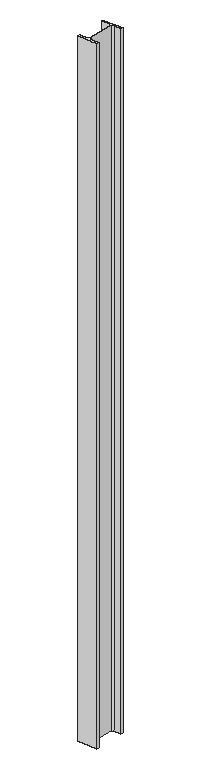
Revit family "UB-Universal Beams-Column", category 구조 기둥, Revit 2026
Family settings
  단면 모양 = 정의되지 않음
  모델 동작 재료 = 스틸
  항상 형상으로 내보내기 = 아니오
  평면의 보 전환 = 경계 상자에서
  로드될 때 보이드를 사용하여 절단 = 아니오
  기호 표현 = 프로젝트 설정에서
  공유 = 아니오
  평면도에서 미리 절단된 패밀리 표시 = 예
Parameters (values of type "UB127x76x13")
  Assembly Code = ""
  Structural Material [instance] = Metal - Steel - 345 MPa
  A = 0.002 m²
  W = 0.12749
  bf = 76.2 mm
  d = 127 mm
  k = 15.2 mm
  kr = k - tf  # 7.6 mm
  tf = 7.6 mm
  tw = 4.2 mm
Reference planes
  plane 1: y = 0
  plane 2: z = 0
  plane 3: x = 0
  plane 4: x = -38.1
  plane 5: x = 38.1
  plane 6: y = 63.5
  plane 7: y = -63.5
  plane 8: x = -3.969
  plane 9: x = 3.969
Forms (mm)
  Extrusion 1, solid, material "Metal - Steel - 345 MPa" <- "Structural Material", detail levels medium
    sketch origin (0, 0, 0) x (1, 0, 0) y (0, 1, 0)
      loop
        line (-38.1, 63.5) -> (-38.1, 55.9) -> (-2.1, 55.9) -> (-2.1, -55.9) -> (-38.1, -55.9) -> (-38.1, -63.5) -> (38.1, -63.5) -> (38.1, -55.9) -> (2.1, -55.9) -> (2.1, 55.9) -> (38.1, 55.9) -> (38.1, 63.5) -> (-38.1, 63.5)
    from 0 to 2500
  Extrusion 2, solid, material "Metal - Steel - 345 MPa" <- "Structural Material", detail levels fine
    sketch origin (0, 0, 0) x (1, 0, 0) y (0, 1, 0)
      loop
        line (-38.1, 63.5) -> (-38.1, 55.9) -> (-9.7, 55.9)
        arc (-9.7, 55.9) -> (-4.326, 53.674) -> (-2.1, 48.3) r 7.6
        line (-2.1, 48.3) -> (-2.1, -48.3)
        arc (-2.1, -48.3) -> (-4.326, -53.674) -> (-9.7, -55.9) r 7.6
        line (-9.7, -55.9) -> (-38.1, -55.9) -> (-38.1, -63.5) -> (38.1, -63.5) -> (38.1, -55.9) -> (9.7, -55.9)
        arc (9.7, -55.9) -> (4.326, -53.674) -> (2.1, -48.3) r 7.6
        line (2.1, -48.3) -> (2.1, 48.3)
        arc (2.1, 48.3) -> (4.326, 53.674) -> (9.7, 55.9) r 7.6
        line (9.7, 55.9) -> (38.1, 55.9) -> (38.1, 63.5) -> (-38.1, 63.5)
    from 0 to 2500
Lines and regions (mm)
  symbolic lines, style "StructuralColumnStickSymbols", detail levels coarse
    curve 1: line (-38.1, 63.5, 0) -> (38.1, 63.5, 0)
    curve 2: line (-38.1, -63.5, 0) -> (38.1, -63.5, 0)
    curve 3: line (0, 63.5, 0) -> (0, -63.5, 0)
  symbolic lines, style "Hidden Faces", detail levels medium+fine
    curve 4: line (-3.969, 0, 0) -> (-3.969, 0, 2500)
    curve 5: line (3.969, 0, 2500) -> (3.969, 0, 0)
Dimensions and locks
  equal spacing: plane 4, plane 3, plane 5
  equal spacing: plane 7, plane 1, plane 6
  "d": plane 7 to plane 6
  "bf": plane 4 to plane 5
  "tf": plane 7 to Extrusion 1 sketch curve
  "tf": Extrusion 1 sketch curve to plane 6
  equal spacing: Extrusion 1 sketch curve, plane 3, Extrusion 1 sketch curve
  "tw": Extrusion 1 sketch curve to Extrusion 1 sketch curve
  "kr": radius of Extrusion 2 sketch curve  (x4)
  aligned and locked: plane 6 to Extrusion 1 sketch curve
  aligned and locked: Extrusion 1 sketch curve to plane 7
  aligned and locked: Extrusion 1 sketch curve to plane 4  (x2)
  aligned and locked: plane 5 to Extrusion 1 sketch curve  (x2)
  aligned and locked: Extrusion 1 sketch curve to Extrusion 1 sketch curve  (x2)
  aligned and locked: level to Extrusion 1
  aligned and locked: level to plane 2
  aligned and locked: Extrusion 1 to plane 2
  aligned and locked: plane 6 to Extrusion 2 sketch curve
  aligned and locked: plane 5 to Extrusion 2 sketch curve  (x2)
  aligned and locked: Extrusion 2 sketch curve to plane 4  (x2)
  aligned and locked: Extrusion 2 sketch curve to Extrusion 1  (x6)
  aligned and locked: Extrusion 2 sketch curve to plane 7
  aligned and locked: level to Extrusion 2
  aligned and locked: Extrusion 2 to level
Automatic sketch dimensions
  curve 2 to plane 4 = 0 mm
  curve 1 to plane 4 = 0 mm
  curve 3 to plane 3 = 0 mm
  curve 2 to plane 5 = 0 mm
  curve 1 to plane 5 = 0 mm
  curve 3 to plane 7 = 0 mm
  curve 3 to plane 6 = 0 mm
  curve 4 to level = 0 mm  (x2)
  curve 4 to plane 8 = 0 mm
  curve 5 to level = 0 mm  (x2)
  curve 5 to plane 9 = 0 mm
